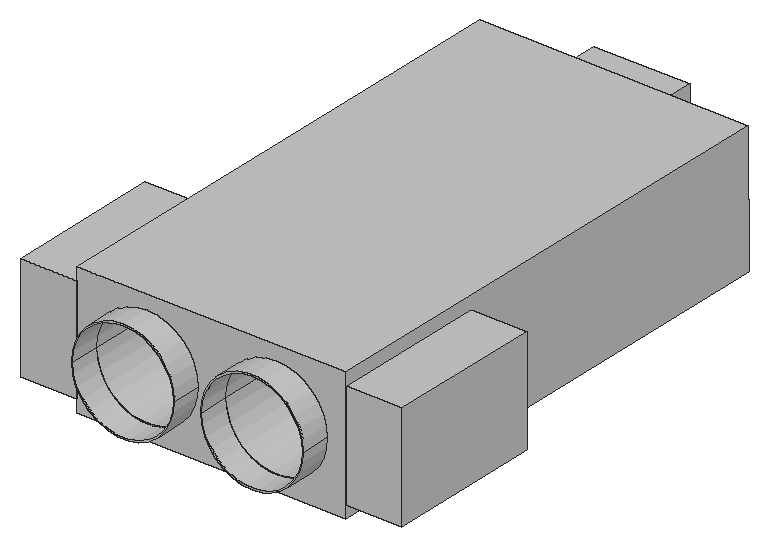
Revit family
Parameters
  Width = 2' - 7"
  Unit Weight = "128.0 lbs"
  URL = "http://www.titus-hvac.com/"
  UL = "181"
  SteriLoc Liner = Liner Option = 3  # no
  Outlet Width = 0' - 11 1/8"
  Outlet Height = 1' - 1 1/8"
  Nominal Width = Width + 1' 1"  # 3' - 8"
  Nominal Length = Length + Inlet Length + 0' 4"  # 5' - 5 3/8"
  Nominal Inlet Size = 1' - 0"
  Nominal Height = if(Height > 1' 0 1/4", Height, 1' 0 1/4")  # 1' - 3 1/8"
  NFPA = "90A"
  Model = "DMDV"
  Min. Air Flow = 0 CFM
  Max. Air Flow = 2000 CFM
  Material = Steel
  Manufacturer = "Titus"
  Liner Option = 0
  Length = 4' - 10"
  Inlet Void Radius = Inlet Radius - 0' 0 1/8"  # 0' - 5 13/16"
  Inlet Radius = Inlet Diameter / 2  # 0' - 5 15/16"
  Inlet Offset = 1' - 2 7/8"
  Inlet Length = 0' - 3 3/8"
  Inlet Diameter = Nominal Inlet Size - 0' 0 1/8"  # 0' - 11 7/8"
  Height = 1' - 3 1/8"
  Heat Air Pressure Drop [instance] = 0.00 in-wg
  Heat Air Flow [instance] = 0 CFM
  Fiber Free Liner = Liner Option = 2  # no
  Duct Radius = Nominal Inlet Size / 2  # 0' - 6"
  Description = "Dual Duct Terminal Unit, Digital Control, Pressure Independent, High Performance Mixer"
  Cool Air Pressure Drop [instance] = 0.00 in-wg
  Cool Air Flow [instance] = 0 CFM
  CADworks URL = "www.CADworks.net"
  Assembly Code = "D3040100"
  1/2" Fiberglass Liner = Liner Option = 0  # yes
  1" Fiberglass Liner = Liner Option = 1  # no
Reference planes (in)
  plane 1 "Center (Front/Back)": y = 0
  plane 2: z = 0
  plane 3 "Center (Left/Right)": x = 0
  plane 4: x = 15.5
  plane 5: x = -15.5
  plane 6: y = 29
  plane 7: y = -29
  plane 8: z = 7.5625
  plane 9: z = -7.5625
  plane 10: x = -7.4375
  plane 11: x = 7.4375
  plane 12: y = -32.375
  plane 13: y = 33
  plane 14: x = -22
  plane 15: x = 22
  plane 16: y = 5
  plane 17: y = -5
Forms (in)
  Extrusion 1, solid, material "Steel" <- "Material"
    sketch origin (0, 9.5, -24) x (1, 0, 0) y (0, 0, 1)
      loop
        line (-15.5, 31.5625) -> (-15.5, 16.4375) -> (15.5, 16.4375) -> (15.5, 31.5625) -> (-15.5, 31.5625)
    from -19.5 to 38.5
  Extrusion 2, solid, material "Steel" <- "Material"
    sketch origin (0, -23.5, 0) x (1, 0, 0) y (0, 0, 1)
      loop
        line (15.5, 6.125) -> (15.5, -6.125) -> (22, -6.125) -> (22, 6.125) -> (15.5, 6.125)
    from -12.5 to 5.5
  Extrusion 3, solid, material "Steel" <- "Material"
    sketch origin (0, -21.5, 0) x (-1, 0, 0) y (0, 0, -1)
      loop
        line (15.5, -6.125) -> (22, -6.125) -> (22, 6.125) -> (15.5, 6.125) -> (15.5, -6.125)
    from -10.5 to 7.5
  Extrusion 4, solid, material "Steel" <- "Material"
    sketch origin (0, -19, 0) x (1, 0, 0) y (0, 0, 1)
      loop
        circle (-7.4375, 0) r 5.9375
    from 10 to 13.375
  Extrusion 5, solid, material "Steel" <- "Material"
    sketch origin (0, -19, 0) x (-1, 0, 0) y (0, 0, -1)
      loop
        circle (-7.4375, 0) r 5.9375
    from 10 to 13.375
  Extrusion 6, void
    sketch origin (0, -10.375, 0) x (1, 0, 0) y (0, 0, 1)
      loop
        circle (-7.4375, 0) r 5.8125
    from -5.375 to 22
  Extrusion 7, void
    sketch origin (0, 0, 0) x (1, 0, 0) y (0, 0, 1)
      loop
        circle (7.4375, 0) r 5.8125
    from 5 to 32.375
  Extrusion 8, solid, material "Steel" <- "Material"
    sketch origin (0, 23, 0) x (1, 0, 0) y (0, 0, 1)
      loop
        line (-5.5625, 6.5625) -> (-5.5625, -6.5625) -> (5.5625, -6.5625) -> (5.5625, 6.5625) -> (-5.5625, 6.5625)
    from -10 to -6
  Extrusion 9, void
    sketch origin (0, 21.5, 0) x (1, 0, 0) y (0, 0, 1)
      loop
        line (-5.3125, 6.3125) -> (-5.3125, -6.3125) -> (5.3125, -6.3125) -> (5.3125, 6.3125) -> (-5.3125, 6.3125)
    from -11.5 to 16.5
Cuts and joins
  Extrusion 6, Extrusion 7, Extrusion 9 cuts Extrusion 1
  Extrusion 6 cuts Extrusion 4
  Extrusion 7 cuts Extrusion 5
  Extrusion 9 cuts Extrusion 8
Dimensions and locks (in)
  "Length": plane 7 to plane 6
  equal spacing: plane 7, plane 1 "Center (Front/Back)", plane 6
  "Width": plane 5 to plane 4
  equal spacing: plane 5, plane 3 "Center (Left/Right)", plane 4
  "Height": plane 9 to plane 8
  equal spacing: plane 9, level, plane 8
  locked: Extrusion 2 to plane 7 at 18
  locked: Extrusion 2 to Extrusion 2 at 12.25
  equal spacing: Extrusion 2, plane 2, Extrusion 2, locked at 6.125 each
  locked: Extrusion 2 to plane 4 at 6.5
  locked: Extrusion 3 to Extrusion 3 at 12.25
  equal spacing: Extrusion 3, plane 2, Extrusion 3, locked at 6.125 each
  locked: Extrusion 3 to plane 5 at 6.5
  locked: Extrusion 3 to plane 7 at 18
  "Inlet Offset": plane 10 to plane 11
  equal spacing: plane 10, plane 3 "Center (Left/Right)", plane 11
  "Inlet Length": plane 7 to plane 12
  "Inlet Length": plane 7 to Extrusion 4
  "Inlet Length": Extrusion 5 to plane 7
  locked: plane 6 to plane 13 at 4
  "Outlet Width": Extrusion 8 sketch curve to Extrusion 8 sketch curve
  equal spacing: Extrusion 8 sketch curve, plane 3 "Center (Left/Right)", Extrusion 8 sketch curve
  locked: Extrusion 4 sketch curve to level at 0
  locked: Extrusion 4 sketch curve to plane 10 at 0
  locked: Extrusion 5 sketch curve to level at 0
  locked: Extrusion 5 sketch curve to plane 11 at 0
  locked: Extrusion 6 sketch curve to level at 0
  locked: Extrusion 6 sketch curve to plane 10 at 0
  locked: Extrusion 7 sketch curve to level at 0
  locked: Extrusion 7 sketch curve to plane 11 at 0
  locked: cut or joined group of Extrusion 8, Extrusion 9 to Extrusion 9 sketch curve at 0.25  (x3)
  locked: Extrusion 9 sketch curve to cut or joined group of Extrusion 8, Extrusion 9 at 0.25
  "Outlet Height": Extrusion 8 sketch curve to Extrusion 8 sketch curve
  equal spacing: Extrusion 8 sketch curve, plane 2, Extrusion 8 sketch curve
  "Nominal Width": plane 14 to plane 15
  plane 13 to plane 12 = 5' - 5 3/8"
  locked: plane 14 to plane 5 at 6.5
  equal spacing: cut or joined group of Extrusion 8, Extrusion 9, plane 3 "Center (Left/Right)", cut or joined group of Extrusion 8, Extrusion 9
  locked: plane 17 to plane 7 at 24
  locked: plane 16 to plane 6 at 24
  "Inlet Radius": radius of Extrusion 4 sketch curve
  "Inlet Radius": radius of Extrusion 5 sketch curve
  "Inlet Void Radius": radius of Extrusion 6 sketch curve
  "Inlet Void Radius": radius of Extrusion 7 sketch curve
  aligned and locked: plane 6 to Extrusion 1
  aligned and locked: plane 4 to Extrusion 1
  aligned and locked: plane 5 to Extrusion 1
  aligned and locked: plane 7 to Extrusion 1
  aligned and locked: plane 8 to Extrusion 1
  aligned and locked: plane 7 to Extrusion 2
  aligned and locked: plane 7 to Extrusion 3
  aligned and locked: plane 12 to Extrusion 4
  aligned and locked: plane 7 to Extrusion 4
  aligned and locked: plane 7 to Extrusion 5
  aligned and locked: plane 6 to Extrusion 8
  aligned and locked: plane 13 to Extrusion 8
  aligned and locked: plane 12 to cut or joined group of Extrusion 4, Extrusion 6  (x2)
  aligned and locked: plane 12 to cut or joined group of Extrusion 5, Extrusion 7  (x2)
  aligned and locked: plane 13 to cut or joined group of Extrusion 8, Extrusion 9  (x2)
  aligned and locked: plane 14 to Extrusion 3  (x2)
  aligned and locked: plane 15 to Extrusion 2
  aligned and locked: Extrusion 6 to plane 12
  aligned and locked: Extrusion 7 to plane 12
  aligned and locked: Extrusion 9 to plane 13
  aligned and locked: Extrusion 2 to plane 15
  aligned and locked: Extrusion 2 to cut or joined group of Extrusion 1, Extrusion 6, Extrusion 7, Extrusion 9
  aligned and locked: Extrusion 3 to cut or joined group of Extrusion 1, Extrusion 6, Extrusion 7, Extrusion 9
  aligned and locked: cut or joined group of Extrusion 1, Extrusion 6, Extrusion 7, Extrusion 9 to plane 8
  aligned and locked: plane 9 to cut or joined group of Extrusion 1, Extrusion 6, Extrusion 7, Extrusion 9
  aligned and locked: plane 16 to Extrusion 9
  aligned and locked: plane 17 to Extrusion 6
  aligned and locked: Extrusion 7 to cut or joined group of Extrusion 1, Extrusion 6, Extrusion 7, Extrusion 9
Automatic sketch dimensions
  Extrusion 1 sketch curve to plane 5 = 0' - 0"
  Extrusion 1 sketch curve to plane 4 = 0' - 0"
  plane 9 to Extrusion 1 sketch curve = 0' - 0"
  plane 8 to Extrusion 1 sketch curve = 0' - 0"
  Extrusion 2 sketch curve to plane 4 = 0' - 0"
  Extrusion 2 sketch curve to plane 9 = 0' - 1 7/16"
  Extrusion 2 sketch curve to Extrusion 2 sketch curve = 0' - 6 1/2"
  plane 8 to Extrusion 2 sketch curve = 0' - 1 7/16"
  Extrusion 3 sketch curve to plane 5 = 0' - 0"
  Extrusion 3 sketch curve to plane 9 = 0' - 1 7/16"
  Extrusion 3 sketch curve to Extrusion 3 sketch curve = 0' - 6 1/2"
  plane 8 to Extrusion 3 sketch curve = 0' - 1 7/16"
Connectors (in)
  hvac at (7.4375, -32.375, 0), driven by "Duct Radius", driven by "Cool Air Pressure Drop", driven by "Cool Air Flow"
    settings: on cut or joined group of Extrusion 5, Extrusion 7, index 1
  hvac at (-7.4375, -32.375, 0), driven by "Duct Radius", driven by "Heat Air Pressure Drop", driven by "Heat Air Flow"
    settings: on cut or joined group of Extrusion 4, Extrusion 6, index 2
  hvac at (0, 33, 0), driven by "Outlet Height", driven by "Outlet Width"
    settings: on cut or joined group of Extrusion 8, Extrusion 9, index 3
